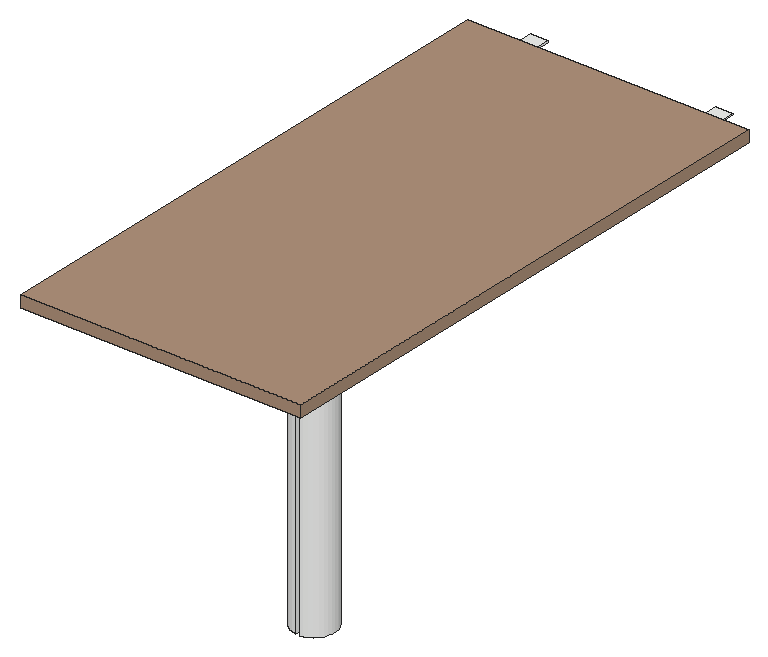
Revit family "Desks-Teknion-B_RPW_Rectangular_Peninsula_Worksurface-R2018", category Furniture, Revit 2018
Family settings
  OmniClass Number = 23.40.20.00
  OmniClass Title = General Furniture and Specialties
  Work Plane-Based = No
  Always vertical = Yes
  Cut with Voids When Loaded = No
  Shared = Yes
  Room Calculation Point = No
Parameters (values of type "1" Worksurface Thickness")
  Worksurface Thickness = if([1 3/16" WS Thickness], 1.189", if([1 9/16" WS Thickness], 1.555", 1.016"))  # 1.016"
  Worksurface Finish [instance] = Source Laminate - Teknion - 3M - Provincial Oak
  Width [instance] = 48.000"
  Warranty = "http://www.teknion.com/ca/papers/legal-canada"
  Unit Weight URL = "http://www.teknion.com/ca/tools/assets#&asset=bee6a381-b954-425e-8283-5a2de3a804f2,f828d448-4b62-4231-9e5f-9a8991c0ed77"
  URL = "www.teknion.com"
  Top Bracket Visibility [instance] = or(Column Leg, Central Square Post Leg)  # yes
  To render please download texture images found here [instance] = "https://assets.teknion.com/web/5e81352c1dfdb467/revit-material-swatches/"
  Sustainability Data = "https://www.teknion.com/ca/tools/assets#&topic=216f99a5-57a0-44fc-b10a-9dee9b29ae4c&asset=444deb64-fe58-4b68-981e-f75e97781df7,b4ff2d81-9f2e-437d-9659-7cffb09c31cf"
  Support Style Note [instance] = "Please choose one of the following options below."  # constant formula
  Support Finish [instance] = Paint - Teknion - Mica - Very White
  Series = "Expansion Casegoods"  # constant formula
  Product Page URL = "https://www.teknion.com/ca/products/product-details?productLineId=0053336e-8e7a-673b-a6c8-ff00004460c4"
  Product Line = "Expansion Casegoods"  # constant formula
  Product Documentation Link = "https://www.teknion.com/pricing/expansion-casegoods/pdfs/B_RPW_ppg.pdf"
  Part Number = "B_RPW"  # constant formula
  Model = "BDRPW_____"
  Manufacturer Phone = "416-661-3370"  # constant formula
  Manufacturer Fax = "416.661.4586"  # constant formula
  Manufacturer Contact Information = "http://www.teknion.com/ca/contactus"
  Manufacturer Address = "1150 Flint Road, Toronto, ON. M3J 2J5. Canada"  # constant formula
  Manufacturer = "Teknion"  # constant formula
  How To Use Teknion Materials User Guide [instance] = "https://assets.teknion.com/m/205dd0a49fa58060/original/How-to-add-a-Material-Library-and-Texture-Images-to-your-Revit-project.pdf"
  For Additional Finishes please visit [instance] = "https://assets.teknion.com/m/44a8009b046e5d47/original/Teknion_Materials_Library.zip"
  Elliptical Base Connection Node Visibility [instance] = and(Connection Node Visibility, Elliptical Base)  # no
  Elliptical Base [instance] = no
  Description = "Rectangular Peninsula Worksurface, 1\" Worksurface Thickness"
  Depth [instance] = 24.000"
  Connection Node Visibility [instance] = yes
  Column Leg [instance] = not(or(Elliptical Base, Central Square Post Leg))  # yes
  Central Square Post Leg [instance] = no
  Available Widths [instance] = if(Worksurface Thickness = 1.016", "48, 54, 60, 66, or 72 inches.", "48, 54, 60, 66, 72, 78, or 84 inches.")  # "48, 54, 60, 66, or 72 inches."
  Available Depths [instance] = if(Worksurface Thickness = 1.016", "24, or 30 inches.", "24, 30, or 36 inches.")  # "24, or 30 inches."
  Assembly Code = "E2020200"
  Actual Width [instance] = if(Width = 48.000", 47.760", if(Width = 54.000", 53.728", if(Width = 60.000", 59.701", if(Width = 66.000", 65.669", if(Width = 72.000", 71.642", if(Width = 78.000", 77.610", 83.579"))))))  # 47.760"
  Actual Depth [instance] = if(Depth = 24.000", 23.882", if(Depth = 30.000", 29.850", 35.819"))  # 23.882"
  1 9/16" WS Thickness = no
  1 3/16" WS Thickness = no
Types (4): name | Worksurface Thickness | Model | Description | Available Widths | Available Depths | 1 9/16" WS Thickness | 1 3/16" WS Thickness
  (no name) | 1.016" | "BDRPW_____" | "Rectangular Peninsula Worksurface, 1\" Worksurface Thickness" | "48, 54, 60, 66, or 72 inches." | "24, or 30 inches." | no | no
  1" Worksurface Thickness | 1.016" | "BDRPW_____" | "Rectangular Peninsula Worksurface, 1\" Worksurface Thickness" | "48, 54, 60, 66, or 72 inches." | "24, or 30 inches." | no | no
  1 3/16" Worksurface Thickness | 1.189" | "BMRPW_____" | "Rectangular Peninsula Worksurface, 1 3/16\" Worksurface Thickness" | "48, 54, 60, 66, 72, 78, or 84 inches." | "24, 30, or 36 inches." | no | yes
  1 9/16" Worksurface Thickness | 1.555" | "BXRPW_____" | "Rectangular Peninsula Worksurface, 1 9/16\" Worksurface Thickness" | "48, 54, 60, 66, 72, 78, or 84 inches." | "24, 30, or 36 inches." | yes | no
Reference planes (in)
  plane 1 "Center Front/Back": y = 1.47463
  plane 2: z = 0
  plane 3 "Center Left/Right": x = -0.4254
  plane 4 "Left": x = -12.3664
  plane 5 "Right": x = 11.5156
  plane 6 "Back": y = 25.35463
  plane 7 "Front": y = -22.40537
  plane 8 "Top": z = 28.82309
  plane 9: z = 27.80709
Forms (in)
  Sweep 1, solid, material "Source Laminate - Teknion - 3M - Provincial Oak" <- "Worksurface Finish"
    path origin (0, 1.47463, 0) x (1, 0, 0) y (0, 0, 1)
      loop
        line (-0.4254, 28.82309) -> (-0.4254, 27.80709)
    profile origin (-0.4254, 1.47463, 28.31509) x (0, -1, 0) y (1, 0, 0)
      loop
        line (-23.88, -11.941) -> (23.88, -11.941) -> (23.88, 11.941) -> (-23.88, 11.941) -> (-23.88, -11.941)
  Sweep 2, solid, material "Paint - Teknion - Mica - Very White" <- "Support Finish", visible <- "Column Leg"
    path origin (0, 1.47463, 0) x (1, 0, 0) y (0, 0, 1)
      loop
        line (-0.4254, 0.60236) -> (-0.4254, 27.55709)
    profile origin (-0.4254, 1.47463, 14.07972) x (-1, 0, 0) y (0, -1, 0)
      loop
        arc (-0.15625, 9.23458) -> (-1.75, 7.49157) -> (-0.15625, 5.74856) r 1.75
        line (-0.15625, 5.74856) -> (-0.15625, 6.25318) -> (0.15625, 6.25318) -> (0.15625, 5.74856)
        arc (0.15625, 5.74856) -> (1.75, 7.49157) -> (0.15625, 9.23458) r 1.75
        line (0.15625, 9.23458) -> (0.15625, 8.74284) -> (-0.15625, 8.74284) -> (-0.15625, 9.23458)
  Sweep 3, solid, material "Paint - Teknion - Mica - Very White" <- "Support Finish", visible <- "Top Bracket Visibility"
    path origin (0, 1.47463, 0) x (1, 0, 0) y (0, 0, 1)
      loop
        line (-0.4254, 27.55709) -> (-0.4254, 27.80709)
    profile origin (-0.4254, 1.47463, 27.68209) x (-1, 0, 0) y (0, -1, 0)
      loop
        line (-2.85827, 4.02173) -> (2.85827, 4.02173) -> (2.85827, 9.73827) -> (-2.85827, 9.73827) -> (-2.85827, 4.02173)
  Sweep 4, solid, material "Plastic - Teknion - E - Ebony", visible <- "Column Leg"
    path origin (-0.4254, 0, 0) x (0, 1, 0) y (0, 0, 1)
      loop
        line (-6.03399, 0) -> (-6.03399, 0.60236)
    profile origin (-0.4254, -6.03399, 0.30118) x (0, -1, 0) y (1, 0, 0)
      loop
        circle (-0.00773, 0) r 0.5
  Sweep 5, solid, material "Paint - Teknion - Mica - Very White" <- "Support Finish"
    path origin (-0.4254, 0, 0) x (0, 1, 0) y (0, 0, 1)
      loop
        line (26.51924, 27.80709) -> (26.51924, 27.70249)
    profile origin (-0.4254, 26.51924, 27.75479) x (1, 0, 0) y (0, 1, 0)
      loop
        line (-8.63189, 1.33539) -> (-8.63189, -3.66461) -> (-7.13189, -3.66461) -> (-7.13189, 1.33539) -> (-8.63189, 1.33539)
      loop
        line (7.13189, 1.33539) -> (7.13189, -3.66461) -> (8.63189, -3.66461) -> (8.63189, 1.33539) -> (7.13189, 1.33539)
  Sweep 6, solid, material "Paint - Teknion - Mica - Very White" <- "Support Finish", visible <- "Central Square Post Leg"
    path origin (0, 1.47463, 0) x (1, 0, 0) y (0, 0, 1)
      loop
        line (-0.4254, 0.60236) -> (-0.4254, 27.55709)
    profile origin (-0.4254, 1.47463, 14.07972) x (-1, 0, 0) y (0, -1, 0)
      loop
        line (1.77165, 9.29732) -> (-1.77165, 9.29732) -> (-1.77165, 5.75402) -> (1.77165, 5.75402) -> (1.77165, 9.29732)
  Sweep 7, solid, material "Paint - Teknion - Mica - Very White" <- "Support Finish", visible <- "Central Square Post Leg"
    path origin (0, 1.47463, 0) x (1, 0, 0) y (0, 0, 1)
      loop
        line (-0.4254, 0) -> (-0.4254, 0.60236)
    profile origin (-0.4254, 1.47463, 0.30118) x (-1, 0, 0) y (0, -1, 0)
      loop
        line (1.5, 6.02567) -> (1.5, 9.02567) -> (-1.5, 9.02567) -> (-1.5, 6.02567) -> (1.5, 6.02567)
  Sweep 8, solid, material "Paint - Teknion - Mica - Very White" <- "Support Finish", visible <- "Elliptical Base"
    path origin (0, 1.47463, 0) x (1, 0, 0) y (0, 0, 1)
      loop
        line (-0.4254, 0.60236) -> (-0.4254, 27.61811)
    profile origin (-0.4254, 1.47463, 14.11024) x (-1, 0, 0) y (0, -1, 0)
      loop
        line (-5.40945, 8.24956) -> (-5.40945, 7.29649) -> (-5.92126, 7.25307)
        arc (-5.92126, 7.25307) -> (0, 5.75402) -> (5.92126, 7.25307) r 12.44401
        line (5.92126, 7.25307) -> (5.40945, 7.29649) -> (5.40945, 8.24956) -> (5.92126, 8.29299)
        arc (5.92126, 8.29299) -> (0, 9.79204) -> (-5.92126, 8.29299) r 12.44401
        line (-5.92126, 8.29299) -> (-5.40945, 8.24956)
  Sweep 9, solid, material "Paint - Teknion - Mica - Very White" <- "Support Finish", visible <- "Elliptical Base"
    path origin (0, 1.47463, 0) x (1, 0, 0) y (0, 0, 1)
      loop
        line (-0.4254, 27.61811) -> (-0.4254, 27.80709)
    profile origin (-0.4254, 1.47463, 27.7126) x (-1, 0, 0) y (0, -1, 0)
      loop
        line (-6.02362, 5.26583) -> (6.02362, 5.26583) -> (6.02362, 10.62016) -> (-6.02362, 10.62016) -> (-6.02362, 5.26583)
  Sweep 10, solid, material "Plastic - Teknion - E - Ebony", visible <- "Elliptical Base"
    path origin (0, 1.47463, 0) x (1, 0, 0) y (0, 0, 1)
      loop
        line (-0.4254, 0) -> (-0.4254, 0.60236)
    profile origin (-0.4254, 1.47463, 0.30118) x (-1, 0, 0) y (0, -1, 0)
      loop
        circle (2.6714, 7.77364) r 0.5
      loop
        circle (-2.66691, 7.77364) r 0.5
Lines and regions (in)
  Masking region 1
    outline origin (0, 0, 0) x (1, 0, 0) y (0, 1, 0)
      loop
        line (-12.3664, 25.35463) -> (-12.3664, -22.40537) -> (11.5156, -22.40537) -> (11.5156, 25.35463) -> (-12.3664, 25.35463)
  Masking region 2
    outline origin (0, 0, 0) x (1, 0, 0) y (0, 1, 0)
      loop
        line (-9.05729, 25.35463) -> (-7.55729, 25.35463) -> (-7.55729, 27.85463) -> (-9.05729, 27.85463) -> (-9.05729, 25.35463)
      loop
        line (6.70649, 27.85463) -> (6.70649, 25.35463) -> (8.20649, 25.35463) -> (8.20649, 27.85463) -> (6.70649, 27.85463)
  symbolic lines, style "FurnitureHiddenLines", detail levels medium+fine
    curve 1: line (-7.55729, 22.85463, 0) -> (-7.55729, 25.35463, 0)
    curve 2: line (-9.05729, 22.85463, 0) -> (-7.55729, 22.85463, 0)
    curve 3: line (-9.05729, 25.35463, 0) -> (-9.05729, 22.85463, 0)
    curve 4: line (8.20649, 22.85463, 0) -> (8.20649, 25.35463, 0)
    curve 5: line (6.70649, 22.85463, 0) -> (8.20649, 22.85463, 0)
    curve 6: line (6.70649, 25.35463, 0) -> (6.70649, 22.85463, 0)
  symbolic lines, style "FurnitureHiddenLines", visible <- "Elliptical Base", detail levels medium+fine
    curve 7: line (5.59822, -3.7912, 0) -> (-6.44902, -3.7912, 0)
    curve 8: line (-6.44902, -3.7912, 0) -> (-6.44902, -9.14553, 0)
    curve 9: line (-6.44902, -9.14553, 0) -> (5.59822, -9.14553, 0)
    curve 10: line (5.59822, -9.14553, 0) -> (5.59822, -3.7912, 0)
    curve 15: arc (-6.34666, -5.77844, 0) -> (-0.4254, -4.27939, 0) -> (5.49586, -5.77844, 0) r 12.44401
    curve 16: arc (5.49586, -6.81836, 0) -> (-0.4254, -8.31741, 0) -> (-6.34666, -6.81836, 0) r 12.44401
    curve 17: line (5.49586, -6.81836, 0) -> (4.98405, -6.77494, 0)
    curve 18: line (4.98405, -5.82187, 0) -> (5.49586, -5.77844, 0)
    curve 19: line (4.98405, -6.77494, 0) -> (4.98405, -5.82187, 0)
    curve 20: line (-6.34666, -5.77844, 0) -> (-5.83485, -5.82187, 0)
    curve 21: line (-5.83485, -5.82187, 0) -> (-5.83485, -6.77494, 0)
    curve 22: line (-5.83485, -6.77494, 0) -> (-6.34666, -6.81836, 0)
  symbolic lines, style "FurnitureHiddenLines", visible <- "Top Bracket Visibility", detail levels medium+fine
    curve 11: line (-3.28367, -2.54711, 0) -> (-3.28367, -8.26364, 0)
    curve 12: line (-3.28367, -8.26364, 0) -> (2.43287, -8.26364, 0)
    curve 13: line (2.43287, -8.26364, 0) -> (2.43287, -2.54711, 0)
    curve 14: line (2.43287, -2.54711, 0) -> (-3.28367, -2.54711, 0)
  symbolic lines, style "FurnitureHiddenLines", visible <- "Column Leg", detail levels medium+fine
    curve 23: arc (-0.58165, -7.75995, 0) -> (-2.1754, -6.01694, 0) -> (-0.58165, -4.27393, 0) r 1.75
    curve 24: arc (-0.26915, -4.27393, 0) -> (1.3246, -6.01694, 0) -> (-0.26915, -7.75995, 0) r 1.75
    curve 25: line (-0.26915, -7.26821, 0) -> (-0.26915, -7.75995, 0)
    curve 26: line (-0.58165, -7.26821, 0) -> (-0.26915, -7.26821, 0)
    curve 27: line (-0.58165, -7.75995, 0) -> (-0.58165, -7.26821, 0)
    curve 28: line (-0.58165, -4.77856, 0) -> (-0.58165, -4.27393, 0)
    curve 29: line (-0.26915, -4.77856, 0) -> (-0.58165, -4.77856, 0)
    curve 30: line (-0.26915, -4.27393, 0) -> (-0.26915, -4.77856, 0)
  symbolic lines, style "FurnitureHiddenLines", visible <- "Column Leg", detail levels fine
    curve 31: arc (-0.4254, -5.52626, 0) -> (0.0746, -6.02626, 0) -> (-0.4254, -6.52626, 0) r 0.5
    curve 32: arc (-0.4254, -6.52626, 0) -> (-0.9254, -6.02626, 0) -> (-0.4254, -5.52626, 0) r 0.5
  symbolic lines, style "FurnitureHiddenLines", visible <- "Central Square Post Leg", detail levels medium+fine
    curve 33: line (-2.19706, -4.27939, 0) -> (-2.19706, -7.8227, 0)
    curve 34: line (1.34625, -4.27939, 0) -> (-2.19706, -4.27939, 0)
    curve 35: line (1.34625, -7.8227, 0) -> (1.34625, -4.27939, 0)
    curve 36: line (-2.19706, -7.8227, 0) -> (1.34625, -7.8227, 0)
  symbolic lines, style "FurnitureHiddenLines", visible <- "Central Square Post Leg", detail levels fine
    curve 37: line (-1.9254, -4.55104, 0) -> (-1.9254, -7.55104, 0)
    curve 38: line (1.0746, -4.55104, 0) -> (-1.9254, -4.55104, 0)
    curve 39: line (1.0746, -7.55104, 0) -> (1.0746, -4.55104, 0)
    curve 40: line (-1.9254, -7.55104, 0) -> (1.0746, -7.55104, 0)
  symbolic lines, style "FurnitureHiddenLines", visible <- "Elliptical Base", detail levels fine
    curve 41: arc (-2.59681, -6.29901, 0) -> (-3.09681, -6.79901, 0) -> (-3.59681, -6.29901, 0) r 0.5
    curve 42: arc (-3.59681, -6.29901, 0) -> (-3.09681, -5.79901, 0) -> (-2.59681, -6.29901, 0) r 0.5
    curve 43: arc (1.7415, -6.29901, 0) -> (2.2415, -5.79901, 0) -> (2.7415, -6.29901, 0) r 0.5
    curve 44: arc (2.7415, -6.29901, 0) -> (2.2415, -6.79901, 0) -> (1.7415, -6.29901, 0) r 0.5
Dimensions and locks (in)
  "Actual Depth": plane 4 "Left" to plane 5 "Right"
  "Actual Width": plane 6 "Back" to plane 7 "Front"
  locked: plane 9 to level at 27.80709
  "Worksurface Thickness": plane 8 "Top" to plane 9
  equal spacing: plane 7 "Front", plane 1 "Center Front/Back", plane 6 "Back"
  equal spacing: plane 4 "Left", plane 3 "Center Left/Right", plane 5 "Right"
  locked: plane 9 to Sweep 2 sketch curve at 0.25
  locked: Sweep 2 sketch curve to level at 0.60236
  plane 7 "Front" to Sweep 2 sketch curve to Sweep 2 sketch curve to Sweep 2 sketch curve to Sweep 2 sketch curve = 15.13716" locked, 1.25127" locked, 0.000" locked, 1.23839" locked
  Sweep 2 sketch curve to Sweep 2 sketch curve to plane 3 "Center Left/Right" to Sweep 2 sketch curve to Sweep 2 sketch curve to Sweep 2 sketch curve to Sweep 2 sketch curve = 0.000" locked, 0.15625" locked, 0.000" locked, 0.000" locked, 0.15625" locked, 0.000" locked
  locked: plane 9 to Sweep 3 sketch curve at 0.25
  Sweep 3 sketch curve to plane 3 "Center Left/Right" to Sweep 3 sketch curve = 2.85827" locked, 2.85827" locked
  plane 7 "Front" to Sweep 3 sketch curve to Sweep 3 sketch curve = 14.14173" locked, 5.71654" locked
  locked: Sweep 4 sketch curve to level at 0.60236
  locked: plane 7 "Front" to Sweep 4 sketch curve at 16.37912
  locked: plane 3 "Center Left/Right" to Sweep 4 sketch curve at 0
  locked: plane 9 to Sweep 5 sketch curve at 0.1046
  Sweep 5 sketch curve to Sweep 5 sketch curve to plane 6 "Back" to Sweep 5 sketch curve to Sweep 5 sketch curve = 0.000" locked, 2.500" locked, 2.500" locked, 0.000" locked
  plane 4 "Left" to Sweep 5 sketch curve to Sweep 5 sketch curve = 3.30911" locked, 1.500" locked
  locked: plane 9 to Sweep 6 sketch curve at 0.25
  locked: Sweep 6 sketch curve to level at 0.60236
  plane 7 "Front" to Sweep 6 sketch curve to Sweep 6 sketch curve = 14.58268" locked, 3.54331" locked
  Sweep 6 sketch curve to plane 3 "Center Left/Right" to Sweep 6 sketch curve = 1.77165" locked, 1.77165" locked
  locked: Sweep 7 sketch curve to level at 0.60236
  Sweep 7 sketch curve to plane 3 "Center Left/Right" to Sweep 7 sketch curve = 1.500" locked, 1.500" locked
  plane 7 "Front" to Sweep 7 sketch curve to Sweep 7 sketch curve = 14.85433" locked, 3.000" locked
  locked: plane 9 to Sweep 8 sketch curve at 0.18898
  locked: Sweep 8 sketch curve to level at 0.60236
  plane 7 "Front" to Sweep 8 sketch curve to Sweep 8 sketch curve to Sweep 8 sketch curve to Sweep 8 sketch curve to Sweep 8 sketch curve to Sweep 8 sketch curve to Sweep 8 sketch curve to Sweep 8 sketch curve to Sweep 8 sketch curve to Sweep 8 sketch curve = 5.68197" locked, 9.90504" locked, 0.000" locked, 0.04342" locked, 0.000" locked, 0.95307" locked, 0.000" locked, 0.04342" locked, 0.000" locked, 9.90504" locked
  Sweep 8 sketch curve to Sweep 8 sketch curve to Sweep 8 sketch curve to Sweep 8 sketch curve to plane 3 "Center Left/Right" to Sweep 8 sketch curve to Sweep 8 sketch curve to Sweep 8 sketch curve to Sweep 8 sketch curve = 0.000" locked, 0.51181" locked, 0.000" locked, 5.40945" locked, 5.40945" locked, 0.000" locked, 0.51181" locked, 0.000" locked
  locked: plane 9 to Sweep 9 sketch curve at 0.18898
  Sweep 9 sketch curve to plane 3 "Center Left/Right" to Sweep 9 sketch curve = 6.02362" locked, 6.02362" locked
  plane 7 "Front" to Sweep 9 sketch curve to Sweep 9 sketch curve = 13.25984" locked, 5.35433" locked
  locked: Sweep 10 sketch curve to level at 0.60236
  Sweep 10 sketch curve to plane 3 "Center Left/Right" to Sweep 10 sketch curve = 2.6714" locked, 2.66691" locked
  plane 7 "Front" to Sweep 10 sketch curve to Sweep 10 sketch curve = 16.10636" locked, 0.000" locked
  Sweep 5 sketch curve to Sweep 5 sketch curve to plane 5 "Right" = 1.500" locked, 3.30911" locked
  nested 4 to nested 2 to plane 3 "Center Left/Right" to nested 1 to nested 3 = 4.266" locked, 0.508" locked, 0.508" locked, 4.266" locked
  plane 7 "Front" to nested 4 to nested 3 to nested 2 to nested 1 = 17.409" locked, 0.000" locked, 0.835" locked, 0.000" locked
  aligned and locked: level to plane 2
  aligned and locked: plane 8 "Top" to Sweep 1 sketch curve
  aligned and locked: plane 9 to Sweep 1 sketch curve
  aligned and locked: Sweep 1 sketch curve to plane 3 "Center Left/Right"
  aligned and locked: Sweep 1 sketch curve to plane 4 "Left"
  aligned and locked: plane 6 "Back" to Sweep 1 sketch curve
  aligned and locked: Sweep 1 sketch curve to plane 5 "Right"
  aligned and locked: Sweep 1 sketch curve to plane 7 "Front"
  aligned and locked: plane 3 "Center Left/Right" to Sweep 2 sketch curve
  aligned and locked: plane 9 to Sweep 3 sketch curve
  aligned and locked: level to Sweep 4 sketch curve
  aligned and locked: plane 9 to Sweep 5 sketch curve
  aligned and locked: plane 3 "Center Left/Right" to Sweep 6 sketch curve
  aligned and locked: level to Sweep 7 sketch curve
  aligned and locked: plane 3 "Center Left/Right" to Sweep 7 sketch curve
  aligned and locked: plane 3 "Center Left/Right" to Sweep 8 sketch curve
  aligned and locked: plane 9 to Sweep 9 sketch curve
  aligned and locked: plane 3 "Center Left/Right" to Sweep 9 sketch curve
  aligned and locked: level to Sweep 10 sketch curve
  aligned and locked: Masking region 1 sketch curve to plane 6 "Back"
  aligned and locked: Masking region 1 sketch curve to plane 4 "Left"
  aligned and locked: Masking region 1 sketch curve to plane 5 "Right"
  aligned and locked: plane 7 "Front" to Masking region 1 sketch curve
  aligned and locked: Masking region 2 sketch curve to plane 6 "Back"
  aligned and locked: Masking region 2 sketch curve to Sweep 5  (x4)
  aligned and locked: Sweep 5 to Masking region 2 sketch curve  (x2)
  aligned and locked: curve 1 to Sweep 5
  aligned and locked: curve 2 to Sweep 5
  aligned and locked: Sweep 5 to curve 3
  aligned and locked: curve 4 to Sweep 5
  aligned and locked: curve 5 to Sweep 5
  aligned and locked: Sweep 5 to curve 6
  aligned and locked: plane 6 "Back" to curve 4
  aligned and locked: plane 6 "Back" to curve 6
  aligned and locked: plane 6 "Back" to curve 1
  aligned and locked: plane 6 "Back" to curve 3
  aligned and locked: curve 7 to Sweep 9
  aligned and locked: curve 8 to Sweep 9
  aligned and locked: curve 9 to Sweep 9
  aligned and locked: curve 10 to Sweep 9
  aligned and locked: curve 11 to Sweep 3
  aligned and locked: curve 12 to Sweep 3
  aligned and locked: curve 13 to Sweep 3
  aligned and locked: curve 14 to Sweep 3
  aligned and locked: curve 15 to Sweep 8
  aligned and locked: curve 16 to Sweep 8
  aligned and locked: curve 17 to Sweep 8
  aligned and locked: curve 18 to Sweep 8
  aligned and locked: curve 19 to Sweep 8
  aligned and locked: curve 20 to Sweep 8
  aligned and locked: curve 21 to Sweep 8
  aligned and locked: curve 22 to Sweep 8
  aligned and locked: curve 23 to Sweep 2
  aligned and locked: curve 24 to Sweep 2
  aligned and locked: curve 25 to Sweep 2
  aligned and locked: curve 26 to Sweep 2
  aligned and locked: curve 27 to Sweep 2
  aligned and locked: curve 28 to Sweep 2
  aligned and locked: curve 29 to Sweep 2
  aligned and locked: curve 30 to Sweep 2
  aligned and locked: curve 31 to Sweep 4
  aligned and locked: curve 32 to Sweep 4
  aligned and locked: curve 33 to Sweep 6
  aligned and locked: curve 34 to Sweep 6
  aligned and locked: curve 35 to Sweep 6
  aligned and locked: curve 36 to Sweep 6
  aligned and locked: curve 37 to Sweep 7
  aligned and locked: curve 38 to Sweep 7
  aligned and locked: curve 39 to Sweep 7
  aligned and locked: curve 40 to Sweep 7
  aligned and locked: curve 41 to Sweep 10
  aligned and locked: curve 42 to Sweep 10
  aligned and locked: curve 43 to Sweep 10
  aligned and locked: curve 44 to Sweep 10
  aligned and locked: plane 4 "Left" to nested 5
  aligned and locked: plane 5 "Right" to nested 6
  aligned and locked: plane 6 "Back" to nested 6
  aligned and locked: plane 6 "Back" to nested 5
Automatic sketch dimensions
  Sweep 2 sketch curve to Sweep 2 sketch curve = 0.000"
  Sweep 2 sketch curve to Sweep 2 sketch curve = 0.49174"
  Sweep 3 sketch curve to plane 3 "Center Left/Right" = 0.000"
  plane 1 "Center Front/Back" to Sweep 4 sketch curve = 7.50862"
  plane 6 "Back" to Sweep 5 sketch curve = 1.16461"
  Sweep 10 sketch curve to plane 3 "Center Left/Right" = 0.000"
  Masking region 2 sketch curve to plane 6 "Back" = 0.000"
  radius of Sweep 4 sketch curve = 0.500"
  radius of Sweep 10 sketch curve = 0.500"  (x2)
Nested families (in)
  nested 1: "Teknion_2D_Node_Family-R2016" at (0.0826, -4.16137, 0), visible <- "Connection Node Visibility", type "Teknion_2D_Node_Family-R2016"
  nested 2: "Teknion_2D_Node_Family-R2016" at (-0.9334, -4.16137, 0) x (-1, 0, 0) z (0, 0, 1), visible <- "Connection Node Visibility", type "Teknion_2D_Node_Family-R2016"
  nested 3: "Teknion_2D_Node_Family-R2016" at (4.3486, -4.99637, 0), visible <- "Elliptical Base Connection Node Visibility", type "Teknion_2D_Node_Family-R2016"
  nested 4: "Teknion_2D_Node_Family-R2016" at (-5.1994, -4.99637, 0) x (-1, 0, 0) z (0, 0, 1), visible <- "Elliptical Base Connection Node Visibility", type "Teknion_2D_Node_Family-R2016"
  nested 5: "Teknion_2D_Node_Family-R2016" at (-12.3664, 25.35463, 0) x (-1, 0, 0) z (0, 0, 1), visible <- "Connection Node Visibility", type "Teknion_2D_Node_Family-R2016"
  nested 6: "Teknion_2D_Node_Family-R2016" at (11.5156, 25.35463, 0) x (-1, 0, 0) z (0, 0, 1), visible <- "Connection Node Visibility", type "Teknion_2D_Node_Family-R2016"
Definition of nested family "Teknion_2D_Node_Family-R2016"
  Reference planes (in)
    plane 1 "Center (Front/Back)": y = 0
    plane 2: z = 0
    plane 3 "Center (Left/Right)": x = 0
  Lines and regions (in)
    detail lines, in view "Ref. Level"
      curve 1: circle (0, 0, 0) r 1.25 normal (0, 0, 1)
      curve 2: line (1.91508, -1.91508, 0) -> (-1.91508, 1.91508, 0)
      curve 3: line (-1.91508, -1.91508, 0) -> (1.91508, 1.91508, 0)
